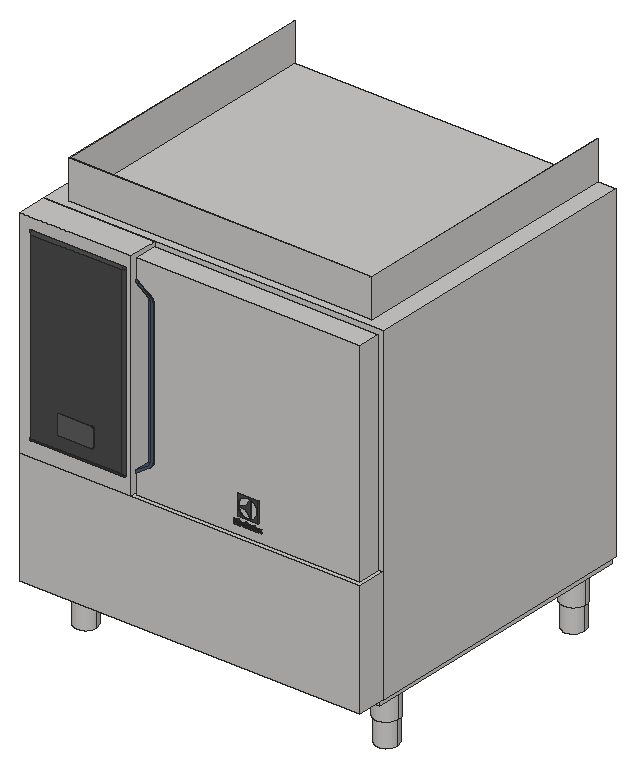
Revit family "QF_ELECTROLUXPROFESSIONAL_725528_EBFA61WET", category Specialty Equipment, Revit 2023
Family settings
  Round Connector Dimension = Use Diameter
  Part Type = Normal
  Work Plane-Based = No
  Enable Cutting in Views = No
  Always vertical = Yes
  Cut with Voids When Loaded = No
  Maintain Annotation Orientation = No
  Shared = No
  Room Calculation Point = No
Parameters
  Weight = 170.00 kg
  Watts = 0 W
  Volts = 380 V
  URL Manufacturer = "http://www.electroluxprofessional.com"
  URL = "http://www.electroluxprofessional.com"
  Steam Supply Size = 0 mm
  Steam Supply Minimum Pressure = 0.0 Pa
  Steam Supply Maximum Pressure = 0.0 Pa
  Steam Pounds per Hour = 0
  Show Logo [instance] = yes
  Show Clearance [instance] = yes
  Refrigeration Suction Line Size = 0 mm
  Refrigeration Liquid Line Size = 0 mm
  Refrigerant Compressor Remote = yes
  Manufacturer = "Electrolux Professional"
  Phase = 3
  Model = "EBFA61WET"
  Length Actual = 897 mm
  Item Number = "725528"
  Hot Water Size = 0 mm
  Height Actual = 1020 mm
  HP = "3.6 HP"
  Gas Size = 0 mm
  Gas KW = 0
  Gas Input Pressure = 0 W
  Direct Waste Size = 139.7 mm
  Description = "SKYLINE CHILLS BLAST CHILLER FREEZER 30/30KG 6 GN 1/1 - FOR TOWER EXECUTION - IOT MODULE - R290"
  Depth Actual = 937 mm
  Default Elevation = 0 mm
  Cycle = 50 Hz
  Condensate Return Size = 0 mm
  Compressed Air Volume = 0.0 L/s
  Compressed Air Size = 0 mm
  Compressed Air Pressure = 0.0 Pa
  Cold Water Size = 0 mm
  Accessory = no
Reference planes
  plane 1 "Center X": y = 126.851
  plane 2: z = 0
  plane 3 "Center Y": x = -311.5
  plane 4 "LEFT": x = -760
  plane 5 "BACK": y = 548.851
  plane 6 "RIGHT": x = 137
  plane 7 "FRONT": y = -295.149
  plane 8: z = 130
  plane 9: x = -708
  plane 10: y = 473.851
  plane 11: x = 85
  plane 12: y = -142.149
  plane 13 "TOP": z = 1020.038
  plane 14: y = 641.851
  plane 15: y = -847.149
Forms (mm)
  Extrusion 1, solid, material "QF_Finishes_Stainless Steel"
    sketch origin (0, 0, 1060.038) x (-1, 0, 0) y (0, -1, 0)
      loop
        line (759, -548.851) -> (759, 216.149) -> (-136, 216.149) -> (-136, -548.851) -> (759, -548.851)
    from -40 to -910.018
  Extrusion 2, solid, material "QF_Finishes_Stainless Steel"
    sketch origin (0, -295.149, 0) x (-1, 0, 0) y (0, 0, 1)
      loop
        line (451.2, 1020.033) -> (-135.995, 1020.033) -> (-135.995, 462.497) -> (451.2, 462.497) -> (451.2, 513.683) -> (415.41, 537.406)
        arc (415.41, 537.406) -> (408.839, 544.616) -> (406.46, 554.076) r 20
        line (406.46, 554.076) -> (406.46, 928.989)
        arc (406.46, 928.989) -> (408.716, 937.969) -> (414.947, 944.816) r 19
        line (414.947, 944.816) -> (451.2, 968.898) -> (451.2, 1020.033)
    from 0 to 60
  Extrusion 3, void
    sketch origin (-759, -216.149, 1060.038) x (-1, 0, 0) y (0, 0, 1)
      loop
        line (-370.8, -100) -> (-826.8, -100) -> (-826.8, -491.98) -> (-370.8, -491.98) -> (-370.8, -100)
    from 0 to 703
  Extrusion 4, solid, material "QF_Finishes_Stainless Steel"
    sketch origin (-760, -0.954, 0) x (0, 1, 0) y (0, 0, 1)
      loop
        line (549.805, 694.306) -> (549.805, 392.314) -> (635.5, 399.789)
        arc (635.5, 399.789) -> (640.702, 402.354) -> (642.805, 407.759) r 8
        line (642.805, 407.759) -> (642.805, 433.233)
        arc (642.805, 433.233) -> (638.783, 442.547) -> (642.805, 451.86) r 12.795
        line (642.805, 451.86) -> (642.805, 483.24)
        arc (642.805, 483.24) -> (638.783, 492.554) -> (642.805, 501.867) r 12.795
        line (642.805, 501.867) -> (642.805, 533.247)
        arc (642.805, 533.247) -> (638.783, 542.56) -> (642.805, 551.874) r 12.795
        line (642.805, 551.874) -> (642.805, 583.254)
        arc (642.805, 583.254) -> (638.783, 592.567) -> (642.805, 601.881) r 12.795
        line (642.805, 601.881) -> (642.805, 634.796)
        arc (642.805, 634.796) -> (641.466, 639.795) -> (637.808, 643.455) r 10
        line (637.808, 643.455) -> (549.805, 694.306)
    from 123.244 to 306.92
  Extrusion 5, solid, material "QF_Finishes_Stainless Steel"
    sketch origin (-817.599, 548.851, 1060.038) x (1, 0, 0) y (0, 0, -1)
      loop
        circle (121.599, 802.038) r 10.5
    from 0 to 29
  Extrusion 6, solid, material "QF_Finishes_Stainless Steel"
    sketch origin (0, -235.149, 0) x (-1, 0, 0) y (0, 0, 1)
      loop
        arc (406.46, 554.076) -> (408.839, 544.616) -> (415.41, 537.406) r 20
        line (415.41, 537.406) -> (451.2, 513.683) -> (451.2, 968.898) -> (414.947, 944.816)
        arc (414.947, 944.816) -> (408.716, 937.969) -> (406.46, 928.989) r 19
        line (406.46, 928.989) -> (406.46, 554.076)
    from -21 to 0
  Extrusion 7, solid, material "QF_Finishes_Electrolux_Blue"
    sketch origin (0, -295.149, 0) x (1, 0, 0) y (0, 0, 1)
      loop
        line (-451.2, 968.898) -> (-453.7, 968.898) -> (-453.7, 962.755) -> (-418.543, 939.401)
        arc (-418.543, 939.401) -> (-414.444, 934.897) -> (-412.96, 928.989) r 12.5
        line (-412.96, 928.989) -> (-412.96, 554.076)
        arc (-412.96, 554.076) -> (-414.566, 547.691) -> (-419.001, 542.824) r 13.5
        line (-419.001, 542.824) -> (-453.7, 519.824) -> (-453.7, 513.683) -> (-451.2, 513.683) -> (-415.41, 537.406)
        arc (-415.41, 537.406) -> (-408.839, 544.616) -> (-406.46, 554.076) r 20
        line (-406.46, 554.076) -> (-406.46, 928.989)
        arc (-406.46, 928.989) -> (-408.716, 937.969) -> (-414.947, 944.816) r 19
        line (-414.947, 944.816) -> (-451.2, 968.898)
    from -39 to 1
  Extrusion 8, solid, material "QF_Finishes_Stainless Steel"
    sketch origin (0, 0, 1060.038) x (-1, 0, 0) y (0, -1, 0)
      loop
        line (759, 295.149) -> (467.2, 295.149) -> (467.2, 217.149) -> (759, 217.149) -> (759, 295.149)
    from -40 to -607
  Extrusion 9, solid, material "QF_Finishes_Stainless Steel"
    sketch origin (-1206.916, -1524, 130) x (-1, 0, 0) y (0, -1, 0)
      loop
        line (-447.916, -1228.851) -> (-1342.916, -1228.851) -> (-1342.916, -1306.851) -> (-447.916, -1306.851) -> (-447.916, -1228.851)
    from 322 to 20.02
  Extrusion 10, solid, material "QF_Finishes_Stainless Steel"
    sketch origin (0, 0, 1060.038) x (-1, 0, 0) y (0, -1, 0)
      loop
        line (748.993, -548.851) -> (748.993, 214.216) -> (-125.993, 214.216) -> (-125.993, -548.851) -> (748.993, -548.851)
    from -910.018 to -930.038
  Extrusion 11, solid, material "QF_Finishes_Stainless Steel"
    sketch origin (0, 0, 130) x (0, -1, 0) y (-1, 0, 0)
      loop
        circle (-215.851, 360) r 9.5
    from 0 to 31.68
  Extrusion 12, void
    sketch origin (0, 0, 1060.038) x (-1, 0, 0) y (0, -1, 0)
      loop
        line (627.033, -641.851) -> (636.756, -641.851) -> (636.756, -548.851) -> (635.125, -548.851) -> (627.033, -641.851)
      loop
        line (454.711, -548.851) -> (453.08, -548.851) -> (453.08, -641.851) -> (462.803, -641.851) -> (454.711, -548.851)
    from -673 to -363
  Extrusion 13, solid, material "QF_Door-Drawer Clearances", visible <- "Show Clearance", detail levels coarse
    sketch origin (143, -393.449, 0) x (0, -1, 0) y (0, 0, 1)
      loop
        line (451.2, 1020.033) -> (-98.3, 1020.033) -> (-98.3, 462.497) -> (451.2, 462.497) -> (451.2, 513.683) -> (415.41, 537.406)
        arc (415.41, 537.406) -> (408.839, 544.616) -> (406.46, 554.076) r 20
        line (406.46, 554.076) -> (406.46, 928.989)
        arc (406.46, 928.989) -> (408.716, 937.969) -> (414.947, 944.816) r 19
        line (414.947, 944.816) -> (451.2, 968.898) -> (451.2, 1020.033)
    from 0 to 60
  Extrusion 14, solid, material "QF_Door-Drawer Clearances", visible <- "Show Clearance", detail levels coarse
    sketch origin (83, -393.449, 0) x (0, -1, 0) y (0, 0, 1)
      loop
        arc (406.46, 554.076) -> (408.839, 544.616) -> (415.41, 537.406) r 20
        line (415.41, 537.406) -> (451.2, 513.683) -> (451.2, 968.898) -> (414.947, 944.816)
        arc (414.947, 944.816) -> (408.716, 937.969) -> (406.46, 928.989) r 19
        line (406.46, 928.989) -> (406.46, 554.076)
    from -21 to 0
  Extrusion 15, solid, material "QF_Door-Drawer Clearances", visible <- "Show Clearance", detail levels coarse
    sketch origin (143, -393.449, 0) x (0, 1, 0) y (0, 0, 1)
      loop
        line (-451.2, 968.898) -> (-453.7, 968.898) -> (-453.7, 962.755) -> (-418.543, 939.401)
        arc (-418.543, 939.401) -> (-414.444, 934.897) -> (-412.96, 928.989) r 12.5
        line (-412.96, 928.989) -> (-412.96, 554.076)
        arc (-412.96, 554.076) -> (-414.566, 547.691) -> (-419.001, 542.824) r 13.5
        line (-419.001, 542.824) -> (-453.7, 519.824) -> (-453.7, 513.683) -> (-451.2, 513.683) -> (-415.41, 537.406)
        arc (-415.41, 537.406) -> (-408.839, 544.616) -> (-406.46, 554.076) r 20
        line (-406.46, 554.076) -> (-406.46, 928.989)
        arc (-406.46, 928.989) -> (-408.716, 937.969) -> (-414.947, 944.816) r 19
        line (-414.947, 944.816) -> (-451.2, 968.898)
    from -39 to 1
  Extrusion 16, solid, material "QF_Door-Drawer Clearances", visible <- "Show Clearance", detail levels coarse
    sketch origin (0, 0, 1060.038) x (-1, 0, 0) y (0, -1, 0)
      loop
        line (-83, 295.149) -> (451.2, 295.149)
        arc (451.2, 295.149) -> (290.883, 673.709) -> (-83, 844.649) r 567.425
        line (-83, 844.649) -> (-83, 295.149)
    from -597.541 to -40
  Extrusion 17, solid, material "QF_Finishes_Stainless Steel"
    sketch origin (-19, -1, 0) x (1, 0, 0) y (0, 1, 0)
      loop
        line (-690, -190.149) -> (-690, 549.851) -> (-692, 549.851) -> (-692, -192.149) -> (107, -192.149) -> (107, 549.851) -> (105, 549.851) -> (105, -190.149) -> (-690, -190.149)
    from 1020.038 to 1120.038
Cuts and joins
  Extrusion 3 cuts Extrusion 1
  Extrusion 12 cuts Extrusion 4
  joined: Extrusion 1, Extrusion 4, Extrusion 5, Extrusion 10, Extrusion 11
  joined: Extrusion 2, Extrusion 6
  joined: Extrusion 13, Extrusion 14, Extrusion 15, Extrusion 16
Lines and regions (mm)
  Split face 1
    outline origin (-489, -295.149, 130) x (-1, 0, 0) y (0, 0, -1)
      loop
        line (-132.388, -290.639) -> (-22.373, -290.639) -> (-22.373, -285.612) -> (-132.388, -285.612) -> (-132.388, -290.639)
  Split face 2
    outline origin (-489, -295.149, 120.528) x (-1, 0, 0) y (0, 0, -1)
      loop
        line (-132.388, -290.639) -> (-22.373, -290.639) -> (-22.373, -285.612) -> (-132.388, -285.612) -> (-132.388, -290.639)
  Split face 3
    outline origin (-489, -295.149, 111.056) x (-1, 0, 0) y (0, 0, -1)
      loop
        line (-132.388, -290.639) -> (-22.373, -290.639) -> (-22.373, -285.612) -> (-132.388, -285.612) -> (-132.388, -290.639)
  Split face 4
    outline origin (-489, -295.149, 101.583) x (-1, 0, 0) y (0, 0, -1)
      loop
        line (-132.388, -290.639) -> (-22.373, -290.639) -> (-22.373, -285.612) -> (-132.388, -285.612) -> (-132.388, -290.639)
  Split face 5
    outline origin (-489, -295.149, 92.111) x (-1, 0, 0) y (0, 0, -1)
      loop
        line (-132.388, -290.639) -> (-22.373, -290.639) -> (-22.373, -285.612) -> (-132.388, -285.612) -> (-132.388, -290.639)
  Split face 6
    outline origin (-489, -295.149, 82.639) x (-1, 0, 0) y (0, 0, -1)
      loop
        line (-132.388, -290.639) -> (-22.373, -290.639) -> (-22.373, -285.612) -> (-132.388, -285.612) -> (-132.388, -290.639)
  Split face 7
    outline origin (-489, -295.149, 73.167) x (-1, 0, 0) y (0, 0, -1)
      loop
        line (-132.388, -290.639) -> (-22.373, -290.639) -> (-22.373, -285.612) -> (-132.388, -285.612) -> (-132.388, -290.639)
  Split face 8
    outline origin (-489, -295.149, 63.695) x (-1, 0, 0) y (0, 0, -1)
      loop
        line (-132.388, -290.639) -> (-22.373, -290.639) -> (-22.373, -285.612) -> (-132.388, -285.612) -> (-132.388, -290.639)
  Split face 9
    outline origin (-489, -295.149, 54.223) x (-1, 0, 0) y (0, 0, -1)
      loop
        line (-132.388, -290.639) -> (-22.373, -290.639) -> (-22.373, -285.612) -> (-132.388, -285.612) -> (-132.388, -290.639)
  Split face 10
    outline origin (-489, -295.149, 44.75) x (-1, 0, 0) y (0, 0, -1)
      loop
        line (-132.388, -290.639) -> (-22.373, -290.639) -> (-22.373, -285.612) -> (-132.388, -285.612) -> (-132.388, -290.639)
  Split face 11
    outline origin (-489, -295.149, 35.278) x (-1, 0, 0) y (0, 0, -1)
      loop
        line (-132.388, -290.639) -> (-22.373, -290.639) -> (-22.373, -285.612) -> (-132.388, -285.612) -> (-132.388, -290.639)
  Split face 12
    outline origin (-489, -295.149, 25.806) x (-1, 0, 0) y (0, 0, -1)
      loop
        line (-132.388, -290.639) -> (-22.373, -290.639) -> (-22.373, -285.612) -> (-132.388, -285.612) -> (-132.388, -290.639)
  Split face 13
    outline origin (-489, -295.149, 16.334) x (-1, 0, 0) y (0, 0, -1)
      loop
        line (-132.388, -290.639) -> (-22.373, -290.639) -> (-22.373, -285.612) -> (-132.388, -285.612) -> (-132.388, -290.639)
  Split face 14
    outline origin (-489, -295.149, 6.862) x (-1, 0, 0) y (0, 0, -1)
      loop
        line (-132.388, -290.639) -> (-22.373, -290.639) -> (-22.373, -285.612) -> (-132.388, -285.612) -> (-132.388, -290.639)
  Split face 15
    outline origin (-489, -295.149, -2.611) x (-1, 0, 0) y (0, 0, -1)
      loop
        line (-132.388, -290.639) -> (-22.373, -290.639) -> (-22.373, -285.612) -> (-132.388, -285.612) -> (-132.388, -290.639)
  Split face 16
    outline origin (-489, -295.149, -12.083) x (-1, 0, 0) y (0, 0, -1)
      loop
        line (-132.388, -290.639) -> (-22.373, -290.639) -> (-22.373, -285.612) -> (-132.388, -285.612) -> (-132.388, -290.639)
  Split face 17
    outline origin (-489, -295.149, -21.555) x (-1, 0, 0) y (0, 0, -1)
      loop
        line (-132.388, -290.639) -> (-22.373, -290.639) -> (-22.373, -285.612) -> (-132.388, -285.612) -> (-132.388, -290.639)
  Split face 18
    outline origin (-489, -295.149, -31.027) x (-1, 0, 0) y (0, 0, -1)
      loop
        line (-132.388, -290.639) -> (-22.373, -290.639) -> (-22.373, -285.612) -> (-132.388, -285.612) -> (-132.388, -290.639)
  Split face 19
    outline origin (-489, -295.149, -40.499) x (-1, 0, 0) y (0, 0, -1)
      loop
        line (-132.388, -290.639) -> (-22.373, -290.639) -> (-22.373, -285.612) -> (-132.388, -285.612) -> (-132.388, -290.639)
  Split face 20
    outline origin (-489, -295.149, -49.972) x (-1, 0, 0) y (0, 0, -1)
      loop
        line (-132.388, -290.639) -> (-22.373, -290.639) -> (-22.373, -285.612) -> (-132.388, -285.612) -> (-132.388, -290.639)
  Split face 21
    outline origin (-489, -295.149, -59.444) x (-1, 0, 0) y (0, 0, -1)
      loop
        line (-132.388, -290.639) -> (-22.373, -290.639) -> (-22.373, -285.612) -> (-132.388, -285.612) -> (-132.388, -290.639)
  Split face 22
    outline origin (-489, -295.149, -68.916) x (-1, 0, 0) y (0, 0, -1)
      loop
        line (-132.388, -290.639) -> (-22.373, -290.639) -> (-22.373, -285.612) -> (-132.388, -285.612) -> (-132.388, -290.639)
  Split face 23
    outline origin (-489, -295.149, -78.388) x (-1, 0, 0) y (0, 0, -1)
      loop
        line (-132.388, -290.639) -> (-22.373, -290.639) -> (-22.373, -285.612) -> (-132.388, -285.612) -> (-132.388, -290.639)
  Split face 24
    outline origin (-489, -295.149, -87.86) x (-1, 0, 0) y (0, 0, -1)
      loop
        line (-132.388, -290.639) -> (-22.373, -290.639) -> (-22.373, -285.612) -> (-132.388, -285.612) -> (-132.388, -290.639)
  Split face 25
    outline origin (-489, -295.149, -97.332) x (-1, 0, 0) y (0, 0, -1)
      loop
        line (-132.388, -290.639) -> (-22.373, -290.639) -> (-22.373, -285.612) -> (-132.388, -285.612) -> (-132.388, -290.639)
  Split face 26
    outline origin (-489, -295.149, -106.805) x (-1, 0, 0) y (0, 0, -1)
      loop
        line (-132.388, -290.639) -> (-22.373, -290.639) -> (-22.373, -285.612) -> (-132.388, -285.612) -> (-132.388, -290.639)
  Split face 27
    outline origin (-373.984, -295.149, 130) x (-1, 0, 0) y (0, 0, -1)
      loop
        line (-132.388, -290.639) -> (-22.373, -290.639) -> (-22.373, -285.612) -> (-132.388, -285.612) -> (-132.388, -290.639)
  Split face 28
    outline origin (-373.984, -295.149, 120.528) x (-1, 0, 0) y (0, 0, -1)
      loop
        line (-132.388, -290.639) -> (-22.373, -290.639) -> (-22.373, -285.612) -> (-132.388, -285.612) -> (-132.388, -290.639)
  Split face 29
    outline origin (-373.984, -295.149, 111.056) x (-1, 0, 0) y (0, 0, -1)
      loop
        line (-132.388, -290.639) -> (-22.373, -290.639) -> (-22.373, -285.612) -> (-132.388, -285.612) -> (-132.388, -290.639)
  Split face 30
    outline origin (-373.984, -295.149, 101.583) x (-1, 0, 0) y (0, 0, -1)
      loop
        line (-132.388, -290.639) -> (-22.373, -290.639) -> (-22.373, -285.612) -> (-132.388, -285.612) -> (-132.388, -290.639)
  Split face 31
    outline origin (-373.984, -295.149, 92.111) x (-1, 0, 0) y (0, 0, -1)
      loop
        line (-132.388, -290.639) -> (-22.373, -290.639) -> (-22.373, -285.612) -> (-132.388, -285.612) -> (-132.388, -290.639)
  Split face 32
    outline origin (-373.984, -295.149, 82.639) x (-1, 0, 0) y (0, 0, -1)
      loop
        line (-132.388, -290.639) -> (-22.373, -290.639) -> (-22.373, -285.612) -> (-132.388, -285.612) -> (-132.388, -290.639)
  Split face 33
    outline origin (-373.984, -295.149, 73.167) x (-1, 0, 0) y (0, 0, -1)
      loop
        line (-132.388, -290.639) -> (-22.373, -290.639) -> (-22.373, -285.612) -> (-132.388, -285.612) -> (-132.388, -290.639)
  Split face 34
    outline origin (-373.984, -295.149, 63.695) x (-1, 0, 0) y (0, 0, -1)
      loop
        line (-132.388, -290.639) -> (-22.373, -290.639) -> (-22.373, -285.612) -> (-132.388, -285.612) -> (-132.388, -290.639)
  Split face 35
    outline origin (-373.984, -295.149, 54.223) x (-1, 0, 0) y (0, 0, -1)
      loop
        line (-132.388, -290.639) -> (-22.373, -290.639) -> (-22.373, -285.612) -> (-132.388, -285.612) -> (-132.388, -290.639)
  Split face 36
    outline origin (-373.984, -295.149, 44.75) x (-1, 0, 0) y (0, 0, -1)
      loop
        line (-132.388, -290.639) -> (-22.373, -290.639) -> (-22.373, -285.612) -> (-132.388, -285.612) -> (-132.388, -290.639)
  Split face 37
    outline origin (-373.984, -295.149, 35.278) x (-1, 0, 0) y (0, 0, -1)
      loop
        line (-132.388, -290.639) -> (-22.373, -290.639) -> (-22.373, -285.612) -> (-132.388, -285.612) -> (-132.388, -290.639)
  Split face 38
    outline origin (-373.984, -295.149, 25.806) x (-1, 0, 0) y (0, 0, -1)
      loop
        line (-132.388, -290.639) -> (-22.373, -290.639) -> (-22.373, -285.612) -> (-132.388, -285.612) -> (-132.388, -290.639)
  Split face 39
    outline origin (-373.984, -295.149, 16.334) x (-1, 0, 0) y (0, 0, -1)
      loop
        line (-132.388, -290.639) -> (-22.373, -290.639) -> (-22.373, -285.612) -> (-132.388, -285.612) -> (-132.388, -290.639)
  Split face 40
    outline origin (-373.984, -295.149, 6.862) x (-1, 0, 0) y (0, 0, -1)
      loop
        line (-132.388, -290.639) -> (-22.373, -290.639) -> (-22.373, -285.612) -> (-132.388, -285.612) -> (-132.388, -290.639)
  Split face 41
    outline origin (-373.984, -295.149, -2.611) x (-1, 0, 0) y (0, 0, -1)
      loop
        line (-132.388, -290.639) -> (-22.373, -290.639) -> (-22.373, -285.612) -> (-132.388, -285.612) -> (-132.388, -290.639)
  Split face 42
    outline origin (-373.984, -295.149, -12.083) x (-1, 0, 0) y (0, 0, -1)
      loop
        line (-132.388, -290.639) -> (-22.373, -290.639) -> (-22.373, -285.612) -> (-132.388, -285.612) -> (-132.388, -290.639)
  Split face 43
    outline origin (-373.984, -295.149, -21.555) x (-1, 0, 0) y (0, 0, -1)
      loop
        line (-132.388, -290.639) -> (-22.373, -290.639) -> (-22.373, -285.612) -> (-132.388, -285.612) -> (-132.388, -290.639)
  Split face 44
    outline origin (-373.984, -295.149, -31.027) x (-1, 0, 0) y (0, 0, -1)
      loop
        line (-132.388, -290.639) -> (-22.373, -290.639) -> (-22.373, -285.612) -> (-132.388, -285.612) -> (-132.388, -290.639)
  Split face 45
    outline origin (-373.984, -295.149, -40.499) x (-1, 0, 0) y (0, 0, -1)
      loop
        line (-132.388, -290.639) -> (-22.373, -290.639) -> (-22.373, -285.612) -> (-132.388, -285.612) -> (-132.388, -290.639)
  Split face 46
    outline origin (-373.984, -295.149, -49.972) x (-1, 0, 0) y (0, 0, -1)
      loop
        line (-132.388, -290.639) -> (-22.373, -290.639) -> (-22.373, -285.612) -> (-132.388, -285.612) -> (-132.388, -290.639)
  Split face 47
    outline origin (-373.984, -295.149, -59.444) x (-1, 0, 0) y (0, 0, -1)
      loop
        line (-132.388, -290.639) -> (-22.373, -290.639) -> (-22.373, -285.612) -> (-132.388, -285.612) -> (-132.388, -290.639)
  Split face 48
    outline origin (-373.984, -295.149, -68.916) x (-1, 0, 0) y (0, 0, -1)
      loop
        line (-132.388, -290.639) -> (-22.373, -290.639) -> (-22.373, -285.612) -> (-132.388, -285.612) -> (-132.388, -290.639)
  Split face 49
    outline origin (-373.984, -295.149, -78.388) x (-1, 0, 0) y (0, 0, -1)
      loop
        line (-132.388, -290.639) -> (-22.373, -290.639) -> (-22.373, -285.612) -> (-132.388, -285.612) -> (-132.388, -290.639)
  Split face 50
    outline origin (-373.984, -295.149, -87.86) x (-1, 0, 0) y (0, 0, -1)
      loop
        line (-132.388, -290.639) -> (-22.373, -290.639) -> (-22.373, -285.612) -> (-132.388, -285.612) -> (-132.388, -290.639)
  Split face 51
    outline origin (-373.984, -295.149, -97.332) x (-1, 0, 0) y (0, 0, -1)
      loop
        line (-132.388, -290.639) -> (-22.373, -290.639) -> (-22.373, -285.612) -> (-132.388, -285.612) -> (-132.388, -290.639)
  Split face 52
    outline origin (-373.984, -295.149, -106.805) x (-1, 0, 0) y (0, 0, -1)
      loop
        line (-132.388, -290.639) -> (-22.373, -290.639) -> (-22.373, -285.612) -> (-132.388, -285.612) -> (-132.388, -290.639)
  Split face 53
    outline origin (-258.969, -295.149, 130) x (-1, 0, 0) y (0, 0, -1)
      loop
        line (-132.388, -290.639) -> (-22.373, -290.639) -> (-22.373, -285.612) -> (-132.388, -285.612) -> (-132.388, -290.639)
  Split face 54
    outline origin (-258.969, -295.149, 120.528) x (-1, 0, 0) y (0, 0, -1)
      loop
        line (-132.388, -290.639) -> (-22.373, -290.639) -> (-22.373, -285.612) -> (-132.388, -285.612) -> (-132.388, -290.639)
  Split face 55
    outline origin (-258.969, -295.149, 111.056) x (-1, 0, 0) y (0, 0, -1)
      loop
        line (-132.388, -290.639) -> (-22.373, -290.639) -> (-22.373, -285.612) -> (-132.388, -285.612) -> (-132.388, -290.639)
  Split face 56
    outline origin (-258.969, -295.149, 101.583) x (-1, 0, 0) y (0, 0, -1)
      loop
        line (-132.388, -290.639) -> (-22.373, -290.639) -> (-22.373, -285.612) -> (-132.388, -285.612) -> (-132.388, -290.639)
  Split face 57
    outline origin (-258.969, -295.149, 92.111) x (-1, 0, 0) y (0, 0, -1)
      loop
        line (-132.388, -290.639) -> (-22.373, -290.639) -> (-22.373, -285.612) -> (-132.388, -285.612) -> (-132.388, -290.639)
  Split face 58
    outline origin (-258.969, -295.149, 82.639) x (-1, 0, 0) y (0, 0, -1)
      loop
        line (-132.388, -290.639) -> (-22.373, -290.639) -> (-22.373, -285.612) -> (-132.388, -285.612) -> (-132.388, -290.639)
  Split face 59
    outline origin (-258.969, -295.149, 73.167) x (-1, 0, 0) y (0, 0, -1)
      loop
        line (-132.388, -290.639) -> (-22.373, -290.639) -> (-22.373, -285.612) -> (-132.388, -285.612) -> (-132.388, -290.639)
  Split face 60
    outline origin (-258.969, -295.149, 63.695) x (-1, 0, 0) y (0, 0, -1)
      loop
        line (-132.388, -290.639) -> (-22.373, -290.639) -> (-22.373, -285.612) -> (-132.388, -285.612) -> (-132.388, -290.639)
  Split face 61
    outline origin (-258.969, -295.149, 54.223) x (-1, 0, 0) y (0, 0, -1)
      loop
        line (-132.388, -290.639) -> (-22.373, -290.639) -> (-22.373, -285.612) -> (-132.388, -285.612) -> (-132.388, -290.639)
  Split face 62
    outline origin (-258.969, -295.149, 44.75) x (-1, 0, 0) y (0, 0, -1)
      loop
        line (-132.388, -290.639) -> (-22.373, -290.639) -> (-22.373, -285.612) -> (-132.388, -285.612) -> (-132.388, -290.639)
  Split face 63
    outline origin (-258.969, -295.149, 35.278) x (-1, 0, 0) y (0, 0, -1)
      loop
        line (-132.388, -290.639) -> (-22.373, -290.639) -> (-22.373, -285.612) -> (-132.388, -285.612) -> (-132.388, -290.639)
  Split face 64
    outline origin (-258.969, -295.149, 25.806) x (-1, 0, 0) y (0, 0, -1)
      loop
        line (-132.388, -290.639) -> (-22.373, -290.639) -> (-22.373, -285.612) -> (-132.388, -285.612) -> (-132.388, -290.639)
  Split face 65
    outline origin (-258.969, -295.149, 16.334) x (-1, 0, 0) y (0, 0, -1)
      loop
        line (-132.388, -290.639) -> (-22.373, -290.639) -> (-22.373, -285.612) -> (-132.388, -285.612) -> (-132.388, -290.639)
  Split face 66
    outline origin (-258.969, -295.149, 6.862) x (-1, 0, 0) y (0, 0, -1)
      loop
        line (-132.388, -290.639) -> (-22.373, -290.639) -> (-22.373, -285.612) -> (-132.388, -285.612) -> (-132.388, -290.639)
  Split face 67
    outline origin (-258.969, -295.149, -2.611) x (-1, 0, 0) y (0, 0, -1)
      loop
        line (-132.388, -290.639) -> (-22.373, -290.639) -> (-22.373, -285.612) -> (-132.388, -285.612) -> (-132.388, -290.639)
  Split face 68
    outline origin (-258.969, -295.149, -12.083) x (-1, 0, 0) y (0, 0, -1)
      loop
        line (-132.388, -290.639) -> (-22.373, -290.639) -> (-22.373, -285.612) -> (-132.388, -285.612) -> (-132.388, -290.639)
  Split face 69
    outline origin (-258.969, -295.149, -21.555) x (-1, 0, 0) y (0, 0, -1)
      loop
        line (-132.388, -290.639) -> (-22.373, -290.639) -> (-22.373, -285.612) -> (-132.388, -285.612) -> (-132.388, -290.639)
  Split face 70
    outline origin (-258.969, -295.149, -31.027) x (-1, 0, 0) y (0, 0, -1)
      loop
        line (-132.388, -290.639) -> (-22.373, -290.639) -> (-22.373, -285.612) -> (-132.388, -285.612) -> (-132.388, -290.639)
  Split face 71
    outline origin (-258.969, -295.149, -40.499) x (-1, 0, 0) y (0, 0, -1)
      loop
        line (-132.388, -290.639) -> (-22.373, -290.639) -> (-22.373, -285.612) -> (-132.388, -285.612) -> (-132.388, -290.639)
  Split face 72
    outline origin (-258.969, -295.149, -49.972) x (-1, 0, 0) y (0, 0, -1)
      loop
        line (-132.388, -290.639) -> (-22.373, -290.639) -> (-22.373, -285.612) -> (-132.388, -285.612) -> (-132.388, -290.639)
  Split face 73
    outline origin (-258.969, -295.149, -59.444) x (-1, 0, 0) y (0, 0, -1)
      loop
        line (-132.388, -290.639) -> (-22.373, -290.639) -> (-22.373, -285.612) -> (-132.388, -285.612) -> (-132.388, -290.639)
  Split face 74
    outline origin (-258.969, -295.149, -68.916) x (-1, 0, 0) y (0, 0, -1)
      loop
        line (-132.388, -290.639) -> (-22.373, -290.639) -> (-22.373, -285.612) -> (-132.388, -285.612) -> (-132.388, -290.639)
  Split face 75
    outline origin (-258.969, -295.149, -78.388) x (-1, 0, 0) y (0, 0, -1)
      loop
        line (-132.388, -290.639) -> (-22.373, -290.639) -> (-22.373, -285.612) -> (-132.388, -285.612) -> (-132.388, -290.639)
  Split face 76
    outline origin (-258.969, -295.149, -87.86) x (-1, 0, 0) y (0, 0, -1)
      loop
        line (-132.388, -290.639) -> (-22.373, -290.639) -> (-22.373, -285.612) -> (-132.388, -285.612) -> (-132.388, -290.639)
  Split face 77
    outline origin (-258.969, -295.149, -97.332) x (-1, 0, 0) y (0, 0, -1)
      loop
        line (-132.388, -290.639) -> (-22.373, -290.639) -> (-22.373, -285.612) -> (-132.388, -285.612) -> (-132.388, -290.639)
  Split face 78
    outline origin (-258.969, -295.149, -106.805) x (-1, 0, 0) y (0, 0, -1)
      loop
        line (-132.388, -290.639) -> (-22.373, -290.639) -> (-22.373, -285.612) -> (-132.388, -285.612) -> (-132.388, -290.639)
  Split face 79
    outline origin (-143.953, -295.149, 130) x (-1, 0, 0) y (0, 0, -1)
      loop
        line (-132.388, -290.639) -> (-22.373, -290.639) -> (-22.373, -285.612) -> (-132.388, -285.612) -> (-132.388, -290.639)
  Split face 80
    outline origin (-143.953, -295.149, 120.528) x (-1, 0, 0) y (0, 0, -1)
      loop
        line (-132.388, -290.639) -> (-22.373, -290.639) -> (-22.373, -285.612) -> (-132.388, -285.612) -> (-132.388, -290.639)
  Split face 81
    outline origin (-143.953, -295.149, 111.056) x (-1, 0, 0) y (0, 0, -1)
      loop
        line (-132.388, -290.639) -> (-22.373, -290.639) -> (-22.373, -285.612) -> (-132.388, -285.612) -> (-132.388, -290.639)
  Split face 82
    outline origin (-143.953, -295.149, 101.583) x (-1, 0, 0) y (0, 0, -1)
      loop
        line (-132.388, -290.639) -> (-22.373, -290.639) -> (-22.373, -285.612) -> (-132.388, -285.612) -> (-132.388, -290.639)
  Split face 83
    outline origin (-143.953, -295.149, 92.111) x (-1, 0, 0) y (0, 0, -1)
      loop
        line (-132.388, -290.639) -> (-22.373, -290.639) -> (-22.373, -285.612) -> (-132.388, -285.612) -> (-132.388, -290.639)
  Split face 84
    outline origin (-143.953, -295.149, 82.639) x (-1, 0, 0) y (0, 0, -1)
      loop
        line (-132.388, -290.639) -> (-22.373, -290.639) -> (-22.373, -285.612) -> (-132.388, -285.612) -> (-132.388, -290.639)
  Split face 85
    outline origin (-143.953, -295.149, 73.167) x (-1, 0, 0) y (0, 0, -1)
      loop
        line (-132.388, -290.639) -> (-22.373, -290.639) -> (-22.373, -285.612) -> (-132.388, -285.612) -> (-132.388, -290.639)
  Split face 86
    outline origin (-143.953, -295.149, 63.695) x (-1, 0, 0) y (0, 0, -1)
      loop
        line (-132.388, -290.639) -> (-22.373, -290.639) -> (-22.373, -285.612) -> (-132.388, -285.612) -> (-132.388, -290.639)
  Split face 87
    outline origin (-143.953, -295.149, 54.223) x (-1, 0, 0) y (0, 0, -1)
      loop
        line (-132.388, -290.639) -> (-22.373, -290.639) -> (-22.373, -285.612) -> (-132.388, -285.612) -> (-132.388, -290.639)
  Split face 88
    outline origin (-143.953, -295.149, 44.75) x (-1, 0, 0) y (0, 0, -1)
      loop
        line (-132.388, -290.639) -> (-22.373, -290.639) -> (-22.373, -285.612) -> (-132.388, -285.612) -> (-132.388, -290.639)
  Split face 89
    outline origin (-143.953, -295.149, 35.278) x (-1, 0, 0) y (0, 0, -1)
      loop
        line (-132.388, -290.639) -> (-22.373, -290.639) -> (-22.373, -285.612) -> (-132.388, -285.612) -> (-132.388, -290.639)
  Split face 90
    outline origin (-143.953, -295.149, 25.806) x (-1, 0, 0) y (0, 0, -1)
      loop
        line (-132.388, -290.639) -> (-22.373, -290.639) -> (-22.373, -285.612) -> (-132.388, -285.612) -> (-132.388, -290.639)
  Split face 91
    outline origin (-143.953, -295.149, 16.334) x (-1, 0, 0) y (0, 0, -1)
      loop
        line (-132.388, -290.639) -> (-22.373, -290.639) -> (-22.373, -285.612) -> (-132.388, -285.612) -> (-132.388, -290.639)
  Split face 92
    outline origin (-143.953, -295.149, 6.862) x (-1, 0, 0) y (0, 0, -1)
      loop
        line (-132.388, -290.639) -> (-22.373, -290.639) -> (-22.373, -285.612) -> (-132.388, -285.612) -> (-132.388, -290.639)
  Split face 93
    outline origin (-143.953, -295.149, -2.611) x (-1, 0, 0) y (0, 0, -1)
      loop
        line (-132.388, -290.639) -> (-22.373, -290.639) -> (-22.373, -285.612) -> (-132.388, -285.612) -> (-132.388, -290.639)
  Split face 94
    outline origin (-143.953, -295.149, -12.083) x (-1, 0, 0) y (0, 0, -1)
      loop
        line (-132.388, -290.639) -> (-22.373, -290.639) -> (-22.373, -285.612) -> (-132.388, -285.612) -> (-132.388, -290.639)
  Split face 95
    outline origin (-143.953, -295.149, -21.555) x (-1, 0, 0) y (0, 0, -1)
      loop
        line (-132.388, -290.639) -> (-22.373, -290.639) -> (-22.373, -285.612) -> (-132.388, -285.612) -> (-132.388, -290.639)
  Split face 96
    outline origin (-143.953, -295.149, -31.027) x (-1, 0, 0) y (0, 0, -1)
      loop
        line (-132.388, -290.639) -> (-22.373, -290.639) -> (-22.373, -285.612) -> (-132.388, -285.612) -> (-132.388, -290.639)
  Split face 97
    outline origin (-143.953, -295.149, -40.499) x (-1, 0, 0) y (0, 0, -1)
      loop
        line (-132.388, -290.639) -> (-22.373, -290.639) -> (-22.373, -285.612) -> (-132.388, -285.612) -> (-132.388, -290.639)
  Split face 98
    outline origin (-143.953, -295.149, -49.972) x (-1, 0, 0) y (0, 0, -1)
      loop
        line (-132.388, -290.639) -> (-22.373, -290.639) -> (-22.373, -285.612) -> (-132.388, -285.612) -> (-132.388, -290.639)
  Split face 99
    outline origin (-143.953, -295.149, -59.444) x (-1, 0, 0) y (0, 0, -1)
      loop
        line (-132.388, -290.639) -> (-22.373, -290.639) -> (-22.373, -285.612) -> (-132.388, -285.612) -> (-132.388, -290.639)
  Split face 100
    outline origin (-143.953, -295.149, -68.916) x (-1, 0, 0) y (0, 0, -1)
      loop
        line (-132.388, -290.639) -> (-22.373, -290.639) -> (-22.373, -285.612) -> (-132.388, -285.612) -> (-132.388, -290.639)
  Split face 101
    outline origin (-143.953, -295.149, -78.388) x (-1, 0, 0) y (0, 0, -1)
      loop
        line (-132.388, -290.639) -> (-22.373, -290.639) -> (-22.373, -285.612) -> (-132.388, -285.612) -> (-132.388, -290.639)
  Split face 102
    outline origin (-143.953, -295.149, -87.86) x (-1, 0, 0) y (0, 0, -1)
      loop
        line (-132.388, -290.639) -> (-22.373, -290.639) -> (-22.373, -285.612) -> (-132.388, -285.612) -> (-132.388, -290.639)
  Split face 103
    outline origin (-143.953, -295.149, -97.332) x (-1, 0, 0) y (0, 0, -1)
      loop
        line (-132.388, -290.639) -> (-22.373, -290.639) -> (-22.373, -285.612) -> (-132.388, -285.612) -> (-132.388, -290.639)
  Split face 104
    outline origin (-143.953, -295.149, -106.805) x (-1, 0, 0) y (0, 0, -1)
      loop
        line (-132.388, -290.639) -> (-22.373, -290.639) -> (-22.373, -285.612) -> (-132.388, -285.612) -> (-132.388, -290.639)
  Split face 105
    outline origin (-28.938, -295.149, 130) x (-1, 0, 0) y (0, 0, -1)
      loop
        line (-132.388, -290.639) -> (-22.373, -290.639) -> (-22.373, -285.612) -> (-132.388, -285.612) -> (-132.388, -290.639)
  Split face 106
    outline origin (-28.938, -295.149, 120.528) x (-1, 0, 0) y (0, 0, -1)
      loop
        line (-132.388, -290.639) -> (-22.373, -290.639) -> (-22.373, -285.612) -> (-132.388, -285.612) -> (-132.388, -290.639)
  Split face 107
    outline origin (-28.938, -295.149, 111.056) x (-1, 0, 0) y (0, 0, -1)
      loop
        line (-132.388, -290.639) -> (-22.373, -290.639) -> (-22.373, -285.612) -> (-132.388, -285.612) -> (-132.388, -290.639)
  Split face 108
    outline origin (-28.938, -295.149, 101.583) x (-1, 0, 0) y (0, 0, -1)
      loop
        line (-132.388, -290.639) -> (-22.373, -290.639) -> (-22.373, -285.612) -> (-132.388, -285.612) -> (-132.388, -290.639)
  Split face 109
    outline origin (-28.938, -295.149, 92.111) x (-1, 0, 0) y (0, 0, -1)
      loop
        line (-132.388, -290.639) -> (-22.373, -290.639) -> (-22.373, -285.612) -> (-132.388, -285.612) -> (-132.388, -290.639)
  Split face 110
    outline origin (-28.938, -295.149, 82.639) x (-1, 0, 0) y (0, 0, -1)
      loop
        line (-132.388, -290.639) -> (-22.373, -290.639) -> (-22.373, -285.612) -> (-132.388, -285.612) -> (-132.388, -290.639)
  Split face 111
    outline origin (-28.938, -295.149, 73.167) x (-1, 0, 0) y (0, 0, -1)
      loop
        line (-132.388, -290.639) -> (-22.373, -290.639) -> (-22.373, -285.612) -> (-132.388, -285.612) -> (-132.388, -290.639)
  Split face 112
    outline origin (-28.938, -295.149, 63.695) x (-1, 0, 0) y (0, 0, -1)
      loop
        line (-132.388, -290.639) -> (-22.373, -290.639) -> (-22.373, -285.612) -> (-132.388, -285.612) -> (-132.388, -290.639)
  Split face 113
    outline origin (-28.938, -295.149, 54.223) x (-1, 0, 0) y (0, 0, -1)
      loop
        line (-132.388, -290.639) -> (-22.373, -290.639) -> (-22.373, -285.612) -> (-132.388, -285.612) -> (-132.388, -290.639)
  Split face 114
    outline origin (-28.938, -295.149, 44.75) x (-1, 0, 0) y (0, 0, -1)
      loop
        line (-132.388, -290.639) -> (-22.373, -290.639) -> (-22.373, -285.612) -> (-132.388, -285.612) -> (-132.388, -290.639)
  Split face 115
    outline origin (-28.938, -295.149, 35.278) x (-1, 0, 0) y (0, 0, -1)
      loop
        line (-132.388, -290.639) -> (-22.373, -290.639) -> (-22.373, -285.612) -> (-132.388, -285.612) -> (-132.388, -290.639)
  Split face 116
    outline origin (-28.938, -295.149, 25.806) x (-1, 0, 0) y (0, 0, -1)
      loop
        line (-132.388, -290.639) -> (-22.373, -290.639) -> (-22.373, -285.612) -> (-132.388, -285.612) -> (-132.388, -290.639)
  Split face 117
    outline origin (-28.938, -295.149, 16.334) x (-1, 0, 0) y (0, 0, -1)
      loop
        line (-132.388, -290.639) -> (-22.373, -290.639) -> (-22.373, -285.612) -> (-132.388, -285.612) -> (-132.388, -290.639)
  Split face 118
    outline origin (-28.938, -295.149, 6.862) x (-1, 0, 0) y (0, 0, -1)
      loop
        line (-132.388, -290.639) -> (-22.373, -290.639) -> (-22.373, -285.612) -> (-132.388, -285.612) -> (-132.388, -290.639)
  Split face 119
    outline origin (-28.938, -295.149, -2.611) x (-1, 0, 0) y (0, 0, -1)
      loop
        line (-132.388, -290.639) -> (-22.373, -290.639) -> (-22.373, -285.612) -> (-132.388, -285.612) -> (-132.388, -290.639)
  Split face 120
    outline origin (-28.938, -295.149, -12.083) x (-1, 0, 0) y (0, 0, -1)
      loop
        line (-132.388, -290.639) -> (-22.373, -290.639) -> (-22.373, -285.612) -> (-132.388, -285.612) -> (-132.388, -290.639)
  Split face 121
    outline origin (-28.938, -295.149, -21.555) x (-1, 0, 0) y (0, 0, -1)
      loop
        line (-132.388, -290.639) -> (-22.373, -290.639) -> (-22.373, -285.612) -> (-132.388, -285.612) -> (-132.388, -290.639)
  Split face 122
    outline origin (-28.938, -295.149, -31.027) x (-1, 0, 0) y (0, 0, -1)
      loop
        line (-132.388, -290.639) -> (-22.373, -290.639) -> (-22.373, -285.612) -> (-132.388, -285.612) -> (-132.388, -290.639)
  Split face 123
    outline origin (-28.938, -295.149, -40.499) x (-1, 0, 0) y (0, 0, -1)
      loop
        line (-132.388, -290.639) -> (-22.373, -290.639) -> (-22.373, -285.612) -> (-132.388, -285.612) -> (-132.388, -290.639)
  Split face 124
    outline origin (-28.938, -295.149, -49.972) x (-1, 0, 0) y (0, 0, -1)
      loop
        line (-132.388, -290.639) -> (-22.373, -290.639) -> (-22.373, -285.612) -> (-132.388, -285.612) -> (-132.388, -290.639)
  Split face 125
    outline origin (-28.938, -295.149, -59.444) x (-1, 0, 0) y (0, 0, -1)
      loop
        line (-132.388, -290.639) -> (-22.373, -290.639) -> (-22.373, -285.612) -> (-132.388, -285.612) -> (-132.388, -290.639)
  Split face 126
    outline origin (-28.938, -295.149, -68.916) x (-1, 0, 0) y (0, 0, -1)
      loop
        line (-132.388, -290.639) -> (-22.373, -290.639) -> (-22.373, -285.612) -> (-132.388, -285.612) -> (-132.388, -290.639)
  Split face 127
    outline origin (-28.938, -295.149, -78.388) x (-1, 0, 0) y (0, 0, -1)
      loop
        line (-132.388, -290.639) -> (-22.373, -290.639) -> (-22.373, -285.612) -> (-132.388, -285.612) -> (-132.388, -290.639)
  Split face 128
    outline origin (-28.938, -295.149, -87.86) x (-1, 0, 0) y (0, 0, -1)
      loop
        line (-132.388, -290.639) -> (-22.373, -290.639) -> (-22.373, -285.612) -> (-132.388, -285.612) -> (-132.388, -290.639)
  Split face 129
    outline origin (-28.938, -295.149, -97.332) x (-1, 0, 0) y (0, 0, -1)
      loop
        line (-132.388, -290.639) -> (-22.373, -290.639) -> (-22.373, -285.612) -> (-132.388, -285.612) -> (-132.388, -290.639)
  Split face 130
    outline origin (-28.938, -295.149, -106.805) x (-1, 0, 0) y (0, 0, -1)
      loop
        line (-132.388, -290.639) -> (-22.373, -290.639) -> (-22.373, -285.612) -> (-132.388, -285.612) -> (-132.388, -290.639)
  symbolic lines
    curve 1: line (-760, 548.851, 1060.038) -> (137, 548.851, 1060.038)
    curve 2: line (-760, -295.149, 1060.038) -> (-760, 548.851, 1060.038)
    curve 3: line (137, -295.149, 1060.038) -> (-760, -295.149, 1060.038)
    curve 4: line (137, 548.851, 1060.038) -> (137, -295.149, 1060.038)
    curve 5: line (-725.5, -300.149, 1060.038) -> (-487.5, -300.149, 1060.038)
    curve 6: line (-487.5, -300.149, 1060.038) -> (-479.5, -295.149, 1060.038)
    curve 7: line (-725.5, -300.149, 1060.038) -> (-733.5, -295.149, 1060.038)
    curve 8: line (-635.125, 548.851, 1060.038) -> (-627.033, 641.851, 1060.038)
    curve 9: line (-627.033, 641.851, 1060.038) -> (-462.803, 641.851, 1060.038)
    curve 10: line (-462.803, 641.851, 1060.038) -> (-454.711, 548.851, 1060.038)
    curve 11: line (-706.5, 577.851, 1060.038) -> (-685.5, 577.851, 1060.038)
    curve 12: line (-685.5, 577.851, 1060.038) -> (-685.5, 548.851, 1060.038)
    curve 13: line (-706.5, 577.851, 1060.038) -> (-706.5, 548.851, 1060.038)
  symbolic lines, style "QF_Door-Drawer Clearances", visible <- "Show Clearance"
    curve 14: arc (-451.2, -295.149, 1060.038) -> (-290.883, -673.709, 1060.038) -> (83, -844.649, 1060.038) r 567.425
    curve 15: line (143, -844.649, 1060.038) -> (143, -295.149, 1060.038)
    curve 16: line (83, -844.649, 1060.038) -> (143, -844.649, 1060.038)
    curve 17: line (83, -844.649, 1060.038) -> (83, -295.149, 1060.038)
Dimensions and locks
  equal spacing: plane 4 "LEFT", plane 3 "Center Y", plane 6 "RIGHT"
  plane 4 "LEFT" to plane 6 "RIGHT" = 897 mm
  plane 5 "BACK" to plane 7 "FRONT" = 844 mm
  equal spacing: plane 5 "BACK", plane 1 "Center X", plane 7 "FRONT"
  cut or joined group of Extrusion 1, Extrusion 3, Extrusion 4, Extrusion 5, Extrusion 10, Extrusion 11, Extrusion 12 to Extrusion 5 sketch curve = 63 mm
  level to Extrusion 5 sketch curve = 258 mm
  plane 5 "BACK" to Extrusion 11 sketch curve = 333 mm
  plane 4 "LEFT" to Extrusion 11 sketch curve = 400 mm
  Extrusion 5 sketch curve to plane 4 "LEFT" = 64 mm
  aligned and locked: level to plane 2
  aligned and locked: plane 11 to nested 3
  aligned and locked: plane 11 to nested 2
  aligned and locked: plane 9 to nested 1
  aligned and locked: plane 9 to nested 4
  aligned and locked: Extrusion 6 to Extrusion 7
  aligned and locked: nested 4 to plane 10
  aligned and locked: nested 3 to plane 10
  aligned and locked: nested 1 to plane 12
  aligned and locked: nested 2 to plane 12
  aligned and locked: Extrusion 14 to Extrusion 15
Automatic sketch dimensions
  Extrusion 1 sketch curve to plane 5 "BACK" = 0 mm
  Extrusion 1 sketch curve to plane 6 "RIGHT" = 1 mm
  plane 4 "LEFT" to Extrusion 1 sketch curve = 1 mm
  Extrusion 1 sketch curve to plane 12 = 74 mm
  Extrusion 2 sketch curve to plane 13 "TOP" = 0.005 mm
  Extrusion 2 sketch curve to plane 6 "RIGHT" = 1.005 mm
  Extrusion 2 sketch curve to plane 3 "Center Y" = 94.96 mm
  Extrusion 2 sketch curve to plane 13 "TOP" = 75.222 mm
  Extrusion 2 sketch curve to Extrusion 2 sketch curve = 8.487 mm
  Extrusion 2 sketch curve to Extrusion 2 sketch curve = 8.95 mm
  Extrusion 2 sketch curve to Extrusion 2 sketch curve = 19 mm
  Extrusion 2 sketch curve to Extrusion 2 sketch curve = 20 mm
  Extrusion 2 sketch curve to Extrusion 2 sketch curve = 35.79 mm
  Extrusion 2 sketch curve to plane 13 "TOP" = 51.14 mm
  Extrusion 2 sketch curve to Extrusion 2 sketch curve = 36.253 mm
  Extrusion 2 sketch curve to Extrusion 2 sketch curve = 374.913 mm
  Extrusion 2 sketch curve to Extrusion 2 sketch curve = 23.723 mm
  plane 8 to Extrusion 2 sketch curve = 332.497 mm
  Extrusion 1 to Extrusion 3 sketch curve = 68.2 mm
  Extrusion 3 sketch curve to Extrusion 1 = 370.8 mm
  Extrusion 3 sketch curve to Extrusion 1 = 418.038 mm
  Extrusion 3 sketch curve to Extrusion 1 = 60 mm
  Extrusion 4 sketch curve to plane 5 "BACK" = 0 mm
  Extrusion 4 sketch curve to plane 14 = 0 mm  (x5)
  Extrusion 4 sketch curve to Extrusion 4 sketch curve = 10 mm
  Extrusion 4 sketch curve to Extrusion 4 sketch curve = 8 mm
  Extrusion 4 sketch curve to plane 14 = 7.305 mm
  Extrusion 4 sketch curve to plane 14 = 4.997 mm
  plane 14 to Extrusion 4 sketch curve = 8.773 mm  (x4)
  plane 8 to Extrusion 4 sketch curve = 262.314 mm
  Extrusion 4 sketch curve to Extrusion 4 sketch curve = 7.476 mm
  Extrusion 4 sketch curve to Extrusion 4 sketch curve = 25.474 mm
  Extrusion 4 sketch curve to Extrusion 4 sketch curve = 9.313 mm  (x4)
  Extrusion 4 sketch curve to Extrusion 4 sketch curve = 31.38 mm  (x3)
  Extrusion 4 sketch curve to Extrusion 4 sketch curve = 32.916 mm
  Extrusion 4 sketch curve to Extrusion 4 sketch curve = 50.851 mm
  Extrusion 2 to Extrusion 6 sketch curve = 0 mm  (x6)
  Extrusion 6 sketch curve to Extrusion 2 = 0 mm  (x2)
  Extrusion 2 to Extrusion 6 sketch curve = 8.487 mm
  Extrusion 2 to Extrusion 6 sketch curve = 8.95 mm
  Extrusion 6 sketch curve to Extrusion 6 sketch curve = 11.05 mm
  Extrusion 7 sketch curve to Extrusion 7 sketch curve = 0 mm  (x2)
  Extrusion 2 to Extrusion 7 sketch curve = 0 mm  (x3)
  Extrusion 7 sketch curve to Extrusion 2 = 0 mm  (x2)
  Extrusion 2 to Extrusion 7 sketch curve = 2.5 mm
  Extrusion 7 sketch curve to Extrusion 7 sketch curve = 2.5 mm
  Extrusion 7 sketch curve to Extrusion 7 sketch curve = 13.5 mm
  Extrusion 2 to Extrusion 7 sketch curve = 12.541 mm
  Extrusion 7 sketch curve to Extrusion 7 sketch curve = 5.583 mm
  Extrusion 7 sketch curve to Extrusion 7 sketch curve = 3.591 mm
  Extrusion 7 sketch curve to Extrusion 7 sketch curve = 3.597 mm
  Extrusion 7 sketch curve to Extrusion 7 sketch curve = 6.141 mm
  Extrusion 7 sketch curve to Extrusion 7 sketch curve = 6.143 mm
  Extrusion 8 sketch curve to plane 7 "FRONT" = 0 mm
  Extrusion 8 sketch curve to plane 12 = 75 mm
  Extrusion 8 sketch curve to plane 3 "Center Y" = 155.7 mm
  plane 4 "LEFT" to Extrusion 8 sketch curve = 1 mm
  Extrusion 9 sketch curve to plane 7 "FRONT" = 0 mm
  Extrusion 9 sketch curve to plane 6 "RIGHT" = 1 mm
  plane 4 "LEFT" to Extrusion 9 sketch curve = 1 mm
  Extrusion 9 sketch curve to plane 12 = 75 mm
  Extrusion 10 sketch curve to plane 5 "BACK" = 0 mm
  Extrusion 10 sketch curve to plane 6 "RIGHT" = 11.007 mm
  plane 4 "LEFT" to Extrusion 10 sketch curve = 11.007 mm
  Extrusion 10 sketch curve to plane 12 = 72.066 mm
  Split face 1 sketch curve to Extrusion 9 = 31.361 mm
  Split face 1 sketch curve to Extrusion 9 = 402.388 mm
  Split face 1 sketch curve to Extrusion 9 = 36.388 mm
  Split face 1 sketch curve to Split face 1 sketch curve = 110.015 mm
  Split face 2 sketch curve to Extrusion 9 = 40.833 mm
  Split face 2 sketch curve to Extrusion 9 = 402.388 mm
  Split face 2 sketch curve to Extrusion 9 = 45.86 mm
  Split face 2 sketch curve to Split face 2 sketch curve = 110.015 mm
  Split face 3 sketch curve to Extrusion 9 = 50.305 mm
  Split face 3 sketch curve to Extrusion 9 = 402.388 mm
  Split face 3 sketch curve to Split face 3 sketch curve = 110.015 mm
  Split face 3 sketch curve to Split face 3 sketch curve = 5.027 mm
  Split face 4 sketch curve to Extrusion 9 = 59.777 mm
  Split face 4 sketch curve to Extrusion 9 = 402.388 mm
  Split face 4 sketch curve to Split face 4 sketch curve = 110.015 mm
  Split face 4 sketch curve to Split face 4 sketch curve = 5.027 mm
  Split face 5 sketch curve to Extrusion 9 = 69.25 mm
  Split face 5 sketch curve to Extrusion 9 = 402.388 mm
  Split face 5 sketch curve to Split face 5 sketch curve = 110.015 mm
  Split face 5 sketch curve to Split face 5 sketch curve = 5.027 mm
  Split face 6 sketch curve to Extrusion 9 = 78.722 mm
  Split face 6 sketch curve to Extrusion 9 = 402.388 mm
  Split face 6 sketch curve to Split face 6 sketch curve = 110.015 mm
  Split face 6 sketch curve to Split face 6 sketch curve = 5.027 mm
  Split face 7 sketch curve to Extrusion 9 = 88.194 mm
  Split face 7 sketch curve to Extrusion 9 = 402.388 mm
  Split face 7 sketch curve to Split face 7 sketch curve = 110.015 mm
  Split face 7 sketch curve to Split face 7 sketch curve = 5.027 mm
  Split face 8 sketch curve to Extrusion 9 = 97.666 mm
  Split face 8 sketch curve to Extrusion 9 = 402.388 mm
  Split face 8 sketch curve to Split face 8 sketch curve = 110.015 mm
  Split face 8 sketch curve to Split face 8 sketch curve = 5.027 mm
  Split face 9 sketch curve to Extrusion 9 = 107.138 mm
  Split face 9 sketch curve to Extrusion 9 = 402.388 mm
  Split face 9 sketch curve to Split face 9 sketch curve = 110.015 mm
  Split face 9 sketch curve to Split face 9 sketch curve = 5.027 mm
  Split face 10 sketch curve to Extrusion 9 = 116.611 mm
  Split face 10 sketch curve to Extrusion 9 = 402.388 mm
  Split face 10 sketch curve to Split face 10 sketch curve = 110.015 mm
  Split face 10 sketch curve to Split face 10 sketch curve = 5.027 mm
  Split face 11 sketch curve to Extrusion 9 = 126.083 mm
  Split face 11 sketch curve to Extrusion 9 = 402.388 mm
  Split face 11 sketch curve to Split face 11 sketch curve = 110.015 mm
  Split face 11 sketch curve to Split face 11 sketch curve = 5.027 mm
  Split face 12 sketch curve to Extrusion 9 = 135.555 mm
  Split face 12 sketch curve to Extrusion 9 = 402.388 mm
  Split face 12 sketch curve to Split face 12 sketch curve = 110.015 mm
  Split face 12 sketch curve to Split face 12 sketch curve = 5.027 mm
  Split face 13 sketch curve to Extrusion 9 = 145.027 mm
  Split face 13 sketch curve to Extrusion 9 = 402.388 mm
  Split face 13 sketch curve to Split face 13 sketch curve = 110.015 mm
  Split face 13 sketch curve to Split face 13 sketch curve = 5.027 mm
  Split face 14 sketch curve to Extrusion 9 = 147.48 mm
  Split face 14 sketch curve to Extrusion 9 = 402.388 mm
  Split face 14 sketch curve to Split face 14 sketch curve = 110.015 mm
  Split face 14 sketch curve to Split face 14 sketch curve = 5.027 mm
  Split face 15 sketch curve to Extrusion 9 = 138.008 mm
  Split face 15 sketch curve to Extrusion 9 = 402.388 mm
  Split face 15 sketch curve to Split face 15 sketch curve = 110.015 mm
  Split face 15 sketch curve to Split face 15 sketch curve = 5.027 mm
  Split face 16 sketch curve to Extrusion 9 = 128.536 mm
  Split face 16 sketch curve to Extrusion 9 = 402.388 mm
  Split face 16 sketch curve to Split face 16 sketch curve = 110.015 mm
  Split face 16 sketch curve to Split face 16 sketch curve = 5.027 mm
  Split face 17 sketch curve to Extrusion 9 = 119.064 mm
  Split face 17 sketch curve to Extrusion 9 = 402.388 mm
  Split face 17 sketch curve to Split face 17 sketch curve = 110.015 mm
  Split face 17 sketch curve to Split face 17 sketch curve = 5.027 mm
  Split face 18 sketch curve to Extrusion 9 = 109.592 mm
  Split face 18 sketch curve to Extrusion 9 = 402.388 mm
  Split face 18 sketch curve to Split face 18 sketch curve = 110.015 mm
  Split face 18 sketch curve to Split face 18 sketch curve = 5.027 mm
  Split face 19 sketch curve to Extrusion 9 = 100.119 mm
  Split face 19 sketch curve to Extrusion 9 = 402.388 mm
  Split face 19 sketch curve to Split face 19 sketch curve = 110.015 mm
  Split face 19 sketch curve to Split face 19 sketch curve = 5.027 mm
  Split face 20 sketch curve to Extrusion 9 = 90.647 mm
  Split face 20 sketch curve to Extrusion 9 = 402.388 mm
  Split face 20 sketch curve to Split face 20 sketch curve = 110.015 mm
  Split face 20 sketch curve to Split face 20 sketch curve = 5.027 mm
  Split face 21 sketch curve to Extrusion 9 = 81.175 mm
  Split face 21 sketch curve to Extrusion 9 = 402.388 mm
  Split face 21 sketch curve to Split face 21 sketch curve = 110.015 mm
  Split face 21 sketch curve to Split face 21 sketch curve = 5.027 mm
  Split face 22 sketch curve to Extrusion 9 = 71.703 mm
  Split face 22 sketch curve to Extrusion 9 = 402.388 mm
  Split face 22 sketch curve to Split face 22 sketch curve = 110.015 mm
  Split face 22 sketch curve to Split face 22 sketch curve = 5.027 mm
  Split face 23 sketch curve to Extrusion 9 = 62.231 mm
  Split face 23 sketch curve to Extrusion 9 = 402.388 mm
  Split face 23 sketch curve to Split face 23 sketch curve = 110.015 mm
  Split face 23 sketch curve to Split face 23 sketch curve = 5.027 mm
  Split face 24 sketch curve to Extrusion 9 = 52.758 mm
  Split face 24 sketch curve to Extrusion 9 = 402.388 mm
  Split face 24 sketch curve to Extrusion 9 = 47.731 mm
  Split face 24 sketch curve to Split face 24 sketch curve = 110.015 mm
  Split face 25 sketch curve to Extrusion 9 = 43.286 mm
  Split face 25 sketch curve to Extrusion 9 = 402.388 mm
  Split face 25 sketch curve to Extrusion 9 = 38.259 mm
  Split face 25 sketch curve to Split face 25 sketch curve = 110.015 mm
  Split face 26 sketch curve to Extrusion 9 = 33.814 mm
  Split face 26 sketch curve to Extrusion 9 = 402.388 mm
  Split face 26 sketch curve to Extrusion 9 = 28.787 mm
  Split face 26 sketch curve to Split face 26 sketch curve = 110.015 mm
  Split face 27 sketch curve to Extrusion 9 = 31.361 mm
  Split face 27 sketch curve to Extrusion 9 = 377.596 mm
  Split face 27 sketch curve to Extrusion 9 = 36.388 mm
  Split face 27 sketch curve to Split face 27 sketch curve = 110.015 mm
  Split face 28 sketch curve to Extrusion 9 = 40.833 mm
  Split face 28 sketch curve to Extrusion 9 = 377.596 mm
  Split face 28 sketch curve to Extrusion 9 = 45.86 mm
  Split face 28 sketch curve to Split face 28 sketch curve = 110.015 mm
  Split face 29 sketch curve to Extrusion 9 = 50.305 mm
  Split face 29 sketch curve to Extrusion 9 = 377.596 mm
  Split face 29 sketch curve to Split face 29 sketch curve = 110.015 mm
  Split face 29 sketch curve to Split face 29 sketch curve = 5.027 mm
  Split face 30 sketch curve to Extrusion 9 = 59.777 mm
  Split face 30 sketch curve to Extrusion 9 = 377.596 mm
  Split face 30 sketch curve to Split face 30 sketch curve = 110.015 mm
  Split face 30 sketch curve to Split face 30 sketch curve = 5.027 mm
  Split face 31 sketch curve to Extrusion 9 = 69.25 mm
  Split face 31 sketch curve to Extrusion 9 = 377.596 mm
  Split face 31 sketch curve to Split face 31 sketch curve = 110.015 mm
  Split face 31 sketch curve to Split face 31 sketch curve = 5.027 mm
  Split face 32 sketch curve to Extrusion 9 = 78.722 mm
  Split face 32 sketch curve to Extrusion 9 = 377.596 mm
  Split face 32 sketch curve to Split face 32 sketch curve = 110.015 mm
  Split face 32 sketch curve to Split face 32 sketch curve = 5.027 mm
  Split face 33 sketch curve to Extrusion 9 = 88.194 mm
  Split face 33 sketch curve to Extrusion 9 = 377.596 mm
  Split face 33 sketch curve to Split face 33 sketch curve = 110.015 mm
  Split face 33 sketch curve to Split face 33 sketch curve = 5.027 mm
  Split face 34 sketch curve to Extrusion 9 = 97.666 mm
  Split face 34 sketch curve to Extrusion 9 = 377.596 mm
  Split face 34 sketch curve to Split face 34 sketch curve = 110.015 mm
  Split face 34 sketch curve to Split face 34 sketch curve = 5.027 mm
  Split face 35 sketch curve to Extrusion 9 = 107.138 mm
  Split face 35 sketch curve to Extrusion 9 = 377.596 mm
  Split face 35 sketch curve to Split face 35 sketch curve = 110.015 mm
  Split face 35 sketch curve to Split face 35 sketch curve = 5.027 mm
  Split face 36 sketch curve to Extrusion 9 = 116.611 mm
  Split face 36 sketch curve to Extrusion 9 = 377.596 mm
  Split face 36 sketch curve to Split face 36 sketch curve = 110.015 mm
  Split face 36 sketch curve to Split face 36 sketch curve = 5.027 mm
  Split face 37 sketch curve to Extrusion 9 = 126.083 mm
  Split face 37 sketch curve to Extrusion 9 = 377.596 mm
  Split face 37 sketch curve to Split face 37 sketch curve = 110.015 mm
  Split face 37 sketch curve to Split face 37 sketch curve = 5.027 mm
  Split face 38 sketch curve to Extrusion 9 = 135.555 mm
  Split face 38 sketch curve to Extrusion 9 = 377.596 mm
  Split face 38 sketch curve to Split face 38 sketch curve = 110.015 mm
  Split face 38 sketch curve to Split face 38 sketch curve = 5.027 mm
  Split face 39 sketch curve to Extrusion 9 = 145.027 mm
  Split face 39 sketch curve to Extrusion 9 = 377.596 mm
  Split face 39 sketch curve to Split face 39 sketch curve = 110.015 mm
  Split face 39 sketch curve to Split face 39 sketch curve = 5.027 mm
  Split face 40 sketch curve to Extrusion 9 = 147.48 mm
  Split face 40 sketch curve to Extrusion 9 = 377.596 mm
  Split face 40 sketch curve to Split face 40 sketch curve = 110.015 mm
  Split face 40 sketch curve to Split face 40 sketch curve = 5.027 mm
  Split face 41 sketch curve to Extrusion 9 = 138.008 mm
  Split face 41 sketch curve to Extrusion 9 = 377.596 mm
  Split face 41 sketch curve to Split face 41 sketch curve = 110.015 mm
  Split face 41 sketch curve to Split face 41 sketch curve = 5.027 mm
  Split face 42 sketch curve to Extrusion 9 = 128.536 mm
  Split face 42 sketch curve to Extrusion 9 = 377.596 mm
  Split face 42 sketch curve to Split face 42 sketch curve = 110.015 mm
  Split face 42 sketch curve to Split face 42 sketch curve = 5.027 mm
  Split face 43 sketch curve to Extrusion 9 = 119.064 mm
  Split face 43 sketch curve to Extrusion 9 = 377.596 mm
  Split face 43 sketch curve to Split face 43 sketch curve = 110.015 mm
  Split face 43 sketch curve to Split face 43 sketch curve = 5.027 mm
  Split face 44 sketch curve to Extrusion 9 = 109.592 mm
  Split face 44 sketch curve to Extrusion 9 = 377.596 mm
  Split face 44 sketch curve to Split face 44 sketch curve = 110.015 mm
  Split face 44 sketch curve to Split face 44 sketch curve = 5.027 mm
  Split face 45 sketch curve to Extrusion 9 = 100.119 mm
  Split face 45 sketch curve to Extrusion 9 = 377.596 mm
  Split face 45 sketch curve to Split face 45 sketch curve = 110.015 mm
  Split face 45 sketch curve to Split face 45 sketch curve = 5.027 mm
  Split face 46 sketch curve to Extrusion 9 = 90.647 mm
  Split face 46 sketch curve to Extrusion 9 = 377.596 mm
  Split face 46 sketch curve to Split face 46 sketch curve = 110.015 mm
  Split face 46 sketch curve to Split face 46 sketch curve = 5.027 mm
  Split face 47 sketch curve to Extrusion 9 = 81.175 mm
  Split face 47 sketch curve to Extrusion 9 = 377.596 mm
  Split face 47 sketch curve to Split face 47 sketch curve = 110.015 mm
  Split face 47 sketch curve to Split face 47 sketch curve = 5.027 mm
